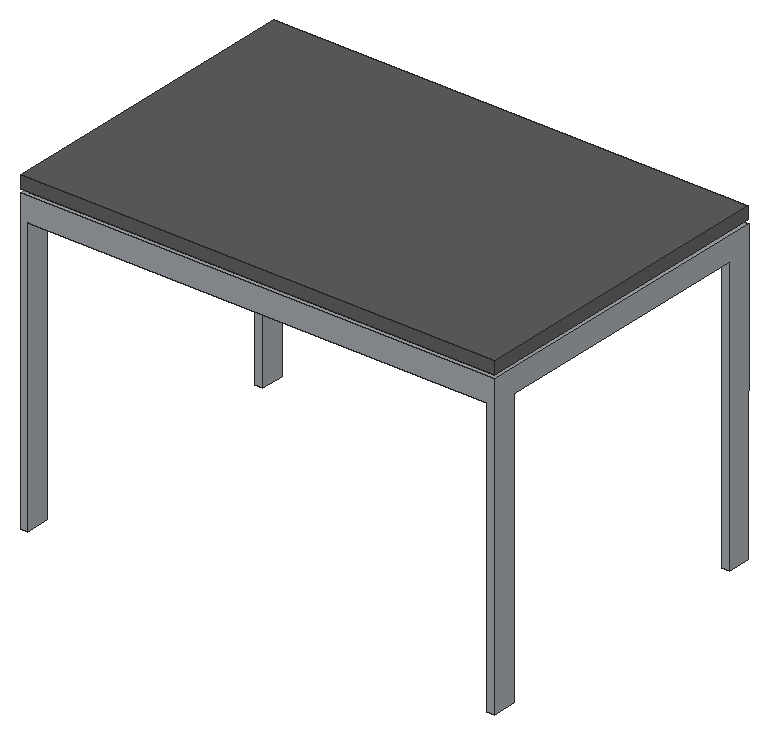
Revit family
Parameters
  URL = "http://www.martinbrattrud.com"
  Table Top [instance] = none
  SCS Certified Product = "Yes"
  Model = "Lundin 1006-30RH"
  Manufacturer = "Martin Brattrud, Inc."
  Leg [instance] = none
  Keynote = "125000"
  Copyright = "© 2013 Martin Brattrud, Inc."
  Authoring Version = "Revit Architecture 2010"
  Assembly Code = "E2020200"
Reference planes (in)
  plane 1 "Center Front/Back": y = 0
  plane 2: z = 0
  plane 3 "Center Left/Right": x = 0
  plane 4: z = 0
  plane 5: z = 20
  plane 6: z = 19.25
  plane 7: z = 19
  plane 8: z = 17.5
  plane 9: x = 132
  plane 10: y = 10
  plane 11: y = -10
  plane 12: y = -9.6875
  plane 13: y = -9.5
  plane 14: y = 9.6875
  plane 15: y = 9.5
  plane 16: x = -15
  plane 17: x = -14.6875
  plane 18: x = -15
  plane 19: x = 15
  plane 20: x = 14.6875
  plane 21: x = 15
  plane 22: z = 20
Forms (in)
  Extrusion 1, solid, material <- "Leg"
    sketch origin (-3, 0, 0) x (0, 1, 0) y (0, 0, -1)
      loop
        line (10, -19) -> (10, 0) -> (8.5, 0) -> (8.5, -17.5) -> (-8.5, -17.5) -> (-8.5, 0) -> (-10, 0) -> (-10, -19) -> (10, -19)
    from 11.5 to 12
  Extrusion 2, solid, material <- "Leg"
    sketch origin (0, 2, 0) x (0, 1, 0) y (0, 0, 1)
      loop
        line (8, 19) -> (7.5, 19) -> (7.5, 17.5) -> (8, 17.5) -> (8, 19)
      loop
        line (-12, 19) -> (-12, 17.5) -> (-11.5, 17.5) -> (-11.5, 19) -> (-12, 19)
    from -15 to 15
  Extrusion 3, solid, material <- "Table Top"
    sketch origin (0, 0, 0) x (1, 0, 0) y (0, 1, 0)
      loop
        line (-15, 10) -> (-15, -10) -> (15, -10) -> (15, 10) -> (-15, 10)
    from 19.25 to 20
  Extrusion 4, solid, material <- "Table Top"
    sketch origin (0, 0, 0) x (1, 0, 0) y (0, 1, 0)
      loop
        line (14.6875, 9.6875) -> (-14.6875, 9.6875) -> (-14.6875, -9.6875) -> (14.6875, -9.6875) -> (14.6875, 9.6875)
    from 18.5217 to 19.25
  Extrusion 5, solid, material <- "Leg"
    sketch origin (3, 0, 0) x (0, 1, 0) y (0, 0, 1)
      loop
        line (10, 0) -> (10, 19) -> (-10, 19) -> (-10, 0) -> (-8.5, 0) -> (-8.5, 17.5) -> (8.5, 17.5) -> (8.5, 0) -> (10, 0)
    from 11.5 to 12
Cuts and joins
  joined: Extrusion 1, Extrusion 2, Extrusion 5
